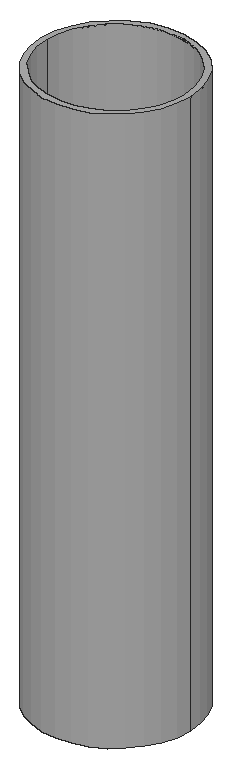
Revit family "Steel Column Circular Hollow Section", category Structural Columns, Revit 2015
Parameters (values of type "KR660x25")
  W = 3.8736
  Structural Material [instance] = Steel
  Assembly Code = ""
  Diameter = 660 mm
  t = 25 mm
  A = 0.0499 m²
Reference planes
  plane 1 "Center (Front/Back)": y = 0
  plane 2: z = 0
  plane 3 "Center (Left/Right)": x = 0
  plane 4: x = -330
  plane 5: x = 330
  plane 6: y = 330
  plane 7: y = -330
  plane 8: x = -305
  plane 9: x = 305
Forms (mm)
  Extrusion 1, solid, material "Steel" <- "Structural Material", detail levels medium+fine
    sketch origin (0, 0, 0) x (1, 0, 0) y (0, 1, 0)
      loop
        circle (0, 0) r 330
      loop
        circle (0, 0) r 305
    from 0 to 2500
Lines and regions (mm)
  symbolic lines, style "StructuralColumnStickSymbols", detail levels coarse
    curve 1: arc (-330, 0, 0) -> (0, -330, 0) -> (330, 0, 0) r 330
    curve 2: arc (330, 0, 0) -> (0, 330, 0) -> (-330, 0, 0) r 330
Dimensions and locks
  equal spacing: plane 4, plane 3 "Center (Left/Right)", plane 5
  equal spacing: plane 7, plane 1 "Center (Front/Back)", plane 6
  "Diameter": plane 7 to plane 6
  "Diameter": plane 4 to plane 5
  "t": plane 4 to plane 8
  "t": plane 9 to plane 5
  aligned and locked: level to Extrusion 1
  aligned and locked: level to plane 2
  aligned and locked: Extrusion 1 to plane 2
  aligned and locked: curve 1 to Extrusion 1
Automatic sketch dimensions
  Extrusion 1 sketch curve to plane 1 "Center (Front/Back)" = 0 mm  (x2)
  Extrusion 1 sketch curve to plane 4 = 0 mm
  Extrusion 1 sketch curve to plane 8 = 0 mm
  Extrusion 1 sketch curve to plane 3 "Center (Left/Right)" = 0 mm  (x2)
Types in the file's own list only (352): name | W | Diameter | t | A
  KR20x2 | 0.008728 | 20 mm | 2 mm | 0.00 m²
  KR20x2.3 | 0.009807 | 20 mm | 2 mm | 0.00 m²
  KR20x2.6 | 0.010885 | 20 mm | 3 mm | 0.00 m²
  KR20x2.9 | 0.011964 | 20 mm | 3 mm | 0.00 m²
  KR20x3.2 | 0.013043 | 20 mm | 3 mm | 0.00 m²
  KR20x3.6 | 0.01422 | 20 mm | 4 mm | 0.00 m²
  KR20x4 | 0.015495 | 20 mm | 4 mm | 0.00 m²
  KR20x4.5 | 0.016769 | 20 mm | 5 mm | 0.00 m²
  KR20x5 | 0.018142 | 20 mm | 5 mm | 0.00 m²
  KR25x2 | 0.011082 | 25 mm | 2 mm | 0.00 m²
  KR25x2.3 | 0.012651 | 25 mm | 2 mm | 0.00 m²
  KR25x2.6 | 0.014122 | 25 mm | 3 mm | 0.00 m²
  KR25x2.9 | 0.015495 | 25 mm | 3 mm | 0.00 m²
  KR25x3.2 | 0.016867 | 25 mm | 3 mm | 0.00 m²
  KR25x3.6 | 0.018633 | 25 mm | 4 mm | 0.00 m²
  KR25x4 | 0.0203 | 25 mm | 4 mm | 0.00 m²
  KR25x4.5 | 0.022359 | 25 mm | 5 mm | 0.00 m²
  KR25x5 | 0.024222 | 25 mm | 5 mm | 0.00 m²
  KR25x5.6 | 0.026282 | 25 mm | 6 mm | 0.00 m²
  KR25x6.3 | 0.028537 | 25 mm | 6 mm | 0.00 m²
  KR30x2.6 | 0.01726 | 30 mm | 3 mm | 0.00 m²
  KR30x2.9 | 0.019025 | 30 mm | 3 mm | 0.00 m²
  KR30x3.2 | 0.020692 | 30 mm | 3 mm | 0.00 m²
  KR30x3.6 | 0.023046 | 30 mm | 4 mm | 0.00 m²
  KR30x4 | 0.025203 | 30 mm | 4 mm | 0.00 m²
  KR30x4.5 | 0.027753 | 30 mm | 5 mm | 0.00 m²
  KR30x5 | 0.030204 | 30 mm | 5 mm | 0.00 m²
  KR30x5.6 | 0.033048 | 30 mm | 6 mm | 0.00 m²
  KR30x6.3 | 0.036285 | 30 mm | 6 mm | 0.00 m²
  KR30x7.1 | 0.039521 | 30 mm | 7 mm | 0.00 m²
  KR30x8 | 0.042561 | 30 mm | 8 mm | 0.00 m²
  KR38x2.6 | 0.022457 | 38 mm | 3 mm | 0.00 m²
  KR38x2.9 | 0.024615 | 38 mm | 3 mm | 0.00 m²
  KR38x3.2 | 0.026968 | 38 mm | 3 mm | 0.00 m²
  KR38x3.6 | 0.02991 | 38 mm | 4 mm | 0.00 m²
  KR38x4 | 0.032852 | 38 mm | 4 mm | 0.00 m²
  KR38x4.5 | 0.036481 | 38 mm | 5 mm | 0.00 m²
  KR38x5 | 0.039913 | 38 mm | 5 mm | 0.00 m²
  KR38x5.6 | 0.043836 | 38 mm | 6 mm | 0.00 m²
  KR38x6.3 | 0.048543 | 38 mm | 6 mm | 0.00 m²
  KR38x7.1 | 0.05325 | 38 mm | 7 mm | 0.00 m²
  KR38x8 | 0.057957 | 38 mm | 8 mm | 0.00 m²
  KR38x8.8 | 0.062076 | 38 mm | 9 mm | 0.00 m²
  KR38x10 | 0.067764 | 38 mm | 10 mm | 0.00 m²
  KR51x2.6 | 0.030597 | 51 mm | 3 mm | 0.00 m²
  KR51x2.9 | 0.033735 | 51 mm | 3 mm | 0.00 m²
  KR51x3.2 | 0.037069 | 51 mm | 3 mm | 0.00 m²
  KR51x3.6 | 0.041286 | 51 mm | 4 mm | 0.00 m²
  KR51x4 | 0.045503 | 51 mm | 4 mm | 0.00 m²
  KR51x4.5 | 0.050602 | 51 mm | 5 mm | 0.00 m²
  KR51x5 | 0.055702 | 51 mm | 5 mm | 0.00 m²
  KR51x5.6 | 0.061488 | 51 mm | 6 mm | 0.00 m²
  KR51x6.3 | 0.068156 | 51 mm | 6 mm | 0.00 m²
  KR51x7.1 | 0.075413 | 51 mm | 7 mm | 0.00 m²
  KR51x8 | 0.08267 | 51 mm | 8 mm | 0.00 m²
  KR51x8.8 | 0.089241 | 51 mm | 9 mm | 0.00 m²
  KR51x10 | 0.099047 | 51 mm | 10 mm | 0.00 m²
  KR51x11 | 0.106892 | 51 mm | 11 mm | 0.00 m²
  KR51x12.5 | 0.116699 | 51 mm | 13 mm | 0.00 m²
  KR51x14.2 | 0.126506 | 51 mm | 14 mm | 0.00 m²
  KR60.3x2.9 | 0.0406 | 60 mm | 3 mm | 0.00 m²
  KR60.3x3.2 | 0.044228 | 60 mm | 3 mm | 0.00 m²
  KR60.3x3.6 | 0.049327 | 60 mm | 4 mm | 0.00 m²
  KR60.3x4 | 0.054427 | 60 mm | 4 mm | 0.00 m²
  KR60.3x4.5 | 0.060703 | 60 mm | 5 mm | 0.00 m²
  KR60.3x5 | 0.066881 | 60 mm | 5 mm | 0.00 m²
  KR60.3x5.6 | 0.07404 | 60 mm | 6 mm | 0.00 m²
  KR60.3x6.3 | 0.082376 | 60 mm | 6 mm | 0.00 m²
  KR60.3x7.1 | 0.091594 | 60 mm | 7 mm | 0.00 m²
  KR60.3x8 | 0.100812 | 60 mm | 8 mm | 0.00 m²
  KR60.3x8.8 | 0.109344 | 60 mm | 9 mm | 0.00 m²
  KR60.3x10 | 0.121602 | 60 mm | 10 mm | 0.00 m²
  KR60.3x11 | 0.131409 | 60 mm | 11 mm | 0.00 m²
  KR60.3x12.5 | 0.145138 | 60 mm | 13 mm | 0.00 m²
  KR60.3x14.2 | 0.158868 | 60 mm | 14 mm | 0.00 m²
  KR60.3x16 | 0.170636 | 60 mm | 16 mm | 0.00 m²
  KR70x2.9 | 0.047366 | 70 mm | 3 mm | 0.00 m²
  KR70x3.2 | 0.051779 | 70 mm | 3 mm | 0.00 m²
  KR70x3.6 | 0.057859 | 70 mm | 4 mm | 0.00 m²
  KR70x4 | 0.063841 | 70 mm | 4 mm | 0.00 m²
  KR70x4.5 | 0.071294 | 70 mm | 5 mm | 0.00 m²
  KR70x5 | 0.078551 | 70 mm | 5 mm | 0.00 m²
  KR70x5.6 | 0.086985 | 70 mm | 6 mm | 0.00 m²
  KR70x6.3 | 0.096988 | 70 mm | 6 mm | 0.00 m²
  KR70x7.1 | 0.107775 | 70 mm | 7 mm | 0.00 m²
  KR70x8 | 0.120131 | 70 mm | 8 mm | 0.00 m²
  KR70x8.8 | 0.130134 | 70 mm | 9 mm | 0.00 m²
  KR70x10 | 0.144746 | 70 mm | 10 mm | 0.00 m²
  KR70x11 | 0.156906 | 70 mm | 11 mm | 0.00 m²
  KR70x12.5 | 0.174558 | 70 mm | 13 mm | 0.00 m²
  KR70x14.2 | 0.19221 | 70 mm | 14 mm | 0.00 m²
  KR70x16 | 0.207901 | 70 mm | 16 mm | 0.00 m²
  KR70x17.5 | 0.22163 | 70 mm | 18 mm | 0.00 m²
  KR82.5x3.2 | 0.06188 | 83 mm | 3 mm | 0.00 m²
  KR82.5x3.6 | 0.069235 | 83 mm | 4 mm | 0.00 m²
  KR82.5x4 | 0.076492 | 83 mm | 4 mm | 0.00 m²
  KR82.5x4.5 | 0.084631 | 83 mm | 5 mm | 0.00 m²
  KR82.5x5 | 0.093752 | 83 mm | 5 mm | 0.00 m²
  KR82.5x5.6 | 0.10395 | 83 mm | 6 mm | 0.00 m²
  KR82.5x6.3 | 0.116699 | 83 mm | 6 mm | 0.00 m²
  KR82.5x7.1 | 0.129448 | 83 mm | 7 mm | 0.00 m²
  KR82.5x8 | 0.143177 | 83 mm | 8 mm | 0.00 m²
  KR82.5x8.8 | 0.155926 | 83 mm | 9 mm | 0.00 m²
  KR82.5x10 | 0.175539 | 83 mm | 10 mm | 0.00 m²
  KR82.5x11 | 0.19123 | 83 mm | 11 mm | 0.00 m²
  KR82.5x12.5 | 0.212804 | 83 mm | 13 mm | 0.00 m²
  KR82.5x14.2 | 0.23536 | 83 mm | 14 mm | 0.00 m²
  KR82.5x16 | 0.256934 | 83 mm | 16 mm | 0.00 m²
  KR82.5x17.5 | 0.274586 | 83 mm | 18 mm | 0.00 m²
  KR82.5x20 | 0.302045 | 83 mm | 20 mm | 0.00 m²
  KR82.5x22.2 | 0.323619 | 83 mm | 22 mm | 0.00 m²
  KR88.9x3.2 | 0.066783 | 89 mm | 3 mm | 0.00 m²
  KR88.9x3.6 | 0.074334 | 89 mm | 4 mm | 0.00 m²
  KR88.9x4 | 0.082376 | 89 mm | 4 mm | 0.00 m²
  KR88.9x4.5 | 0.091594 | 89 mm | 5 mm | 0.00 m²
  KR88.9x5 | 0.101597 | 89 mm | 5 mm | 0.00 m²
  KR88.9x5.6 | 0.113169 | 89 mm | 6 mm | 0.00 m²
  KR88.9x6.3 | 0.125525 | 89 mm | 6 mm | 0.00 m²
  KR88.9x7.1 | 0.140137 | 89 mm | 7 mm | 0.00 m²
  KR88.9x8 | 0.156318 | 89 mm | 8 mm | 0.00 m²
  KR88.9x8.8 | 0.170145 | 89 mm | 9 mm | 0.00 m²
  KR88.9x10 | 0.190935 | 89 mm | 10 mm | 0.00 m²
  KR88.9x11 | 0.207116 | 89 mm | 11 mm | 0.00 m²
  KR88.9x12.5 | 0.230947 | 89 mm | 13 mm | 0.00 m²
  KR88.9x14.2 | 0.256934 | 89 mm | 14 mm | 0.00 m²
  KR88.9x16 | 0.281451 | 89 mm | 16 mm | 0.00 m²
  KR88.9x17.5 | 0.302045 | 89 mm | 18 mm | 0.00 m²
  KR88.9x20 | 0.333426 | 89 mm | 20 mm | 0.00 m²
  KR88.9x20.2 | 0.357943 | 89 mm | 20 mm | 0.00 m²
  KR101.6x3.6 | 0.085416 | 102 mm | 4 mm | 0.00 m²
  KR101.6x4 | 0.094732 | 102 mm | 4 mm | 0.00 m²
  KR101.6x4.5 | 0.105421 | 102 mm | 5 mm | 0.00 m²
  KR101.6x5 | 0.116993 | 102 mm | 5 mm | 0.00 m²
  KR101.6x5.6 | 0.130134 | 102 mm | 6 mm | 0.00 m²
  KR101.6x6.3 | 0.145531 | 102 mm | 6 mm | 0.00 m²
  KR101.6x7.1 | 0.162398 | 102 mm | 7 mm | 0.00 m²
  KR101.6x8 | 0.180933 | 102 mm | 8 mm | 0.00 m²
  KR101.6x8.8 | 0.1978 | 102 mm | 9 mm | 0.00 m²
  KR101.6x10 | 0.221728 | 102 mm | 10 mm | 0.00 m²
  KR101.6x11 | 0.240949 | 102 mm | 11 mm | 0.00 m²
  KR101.6x12.5 | 0.269487 | 102 mm | 13 mm | 0.00 m²
  KR101.6x14.2 | 0.30028 | 102 mm | 14 mm | 0.00 m²
  KR101.6x16 | 0.330484 | 102 mm | 16 mm | 0.00 m²
  KR101.6x17.5 | 0.355001 | 102 mm | 18 mm | 0.00 m²
  KR101.6x20 | 0.394227 | 102 mm | 20 mm | 0.01 m²
  KR101.6x22.2 | 0.426589 | 102 mm | 22 mm | 0.01 m²
  KR101.6x25 | 0.465816 | 102 mm | 25 mm | 0.01 m²
  KR127x4 | 0.119641 | 127 mm | 4 mm | 0.00 m²
  KR127x4.5 | 0.13239 | 127 mm | 5 mm | 0.00 m²
  KR127x5 | 0.1471 | 127 mm | 5 mm | 0.00 m²
  KR127x5.6 | 0.163771 | 127 mm | 6 mm | 0.00 m²
  KR127x6.3 | 0.184365 | 127 mm | 6 mm | 0.00 m²
  KR127x7.1 | 0.20594 | 127 mm | 7 mm | 0.00 m²
  KR127x8 | 0.229476 | 127 mm | 8 mm | 0.00 m²
  KR127x8.8 | 0.25007 | 127 mm | 9 mm | 0.00 m²
  KR127x10 | 0.283412 | 127 mm | 10 mm | 0.00 m²
  KR127x11 | 0.30989 | 127 mm | 11 mm | 0.00 m²
  KR127x12.5 | 0.348136 | 127 mm | 13 mm | 0.00 m²
  KR127x14.2 | 0.388343 | 127 mm | 14 mm | 0.01 m²
  KR127x16 | 0.42757 | 127 mm | 16 mm | 0.01 m²
  KR127x17.5 | 0.462874 | 127 mm | 18 mm | 0.01 m²
  KR127x20 | 0.517791 | 127 mm | 20 mm | 0.01 m²
  KR127x22.2 | 0.562902 | 127 mm | 22 mm | 0.01 m²
  KR127x25 | 0.61978 | 127 mm | 25 mm | 0.01 m²
  KR139.7x4 | 0.131605 | 140 mm | 4 mm | 0.00 m²
  KR139.7x4.5 | 0.147002 | 140 mm | 5 mm | 0.00 m²
  KR139.7x5 | 0.163183 | 140 mm | 5 mm | 0.00 m²
  KR139.7x5.6 | 0.181717 | 140 mm | 6 mm | 0.00 m²
  KR139.7x6.3 | 0.203194 | 140 mm | 6 mm | 0.00 m²
  KR139.7x7.1 | 0.227907 | 140 mm | 7 mm | 0.00 m²
  KR139.7x8 | 0.254777 | 140 mm | 8 mm | 0.00 m²
  KR139.7x8.8 | 0.278705 | 140 mm | 9 mm | 0.00 m²
  KR139.7x10 | 0.313322 | 140 mm | 10 mm | 0.00 m²
  KR139.7x11 | 0.342546 | 140 mm | 11 mm | 0.00 m²
  KR139.7x12.5 | 0.384911 | 140 mm | 13 mm | 0.01 m²
  KR139.7x14.2 | 0.4311 | 140 mm | 14 mm | 0.01 m²
  KR139.7x16 | 0.478859 | 140 mm | 16 mm | 0.01 m²
  KR139.7x17.5 | 0.51681 | 140 mm | 18 mm | 0.01 m²
  KR139.7x20 | 0.578592 | 140 mm | 20 mm | 0.01 m²
  KR139.7x22.2 | 0.630568 | 140 mm | 22 mm | 0.01 m²
  KR139.7x25 | 0.697253 | 140 mm | 25 mm | 0.01 m²
  KR152.4x4.5 | 0.160829 | 152 mm | 5 mm | 0.00 m²
  KR152.4x5 | 0.178481 | 152 mm | 5 mm | 0.00 m²
  KR152.4x5.6 | 0.198094 | 152 mm | 6 mm | 0.00 m²
  KR152.4x6.3 | 0.223592 | 152 mm | 6 mm | 0.00 m²
  KR152.4x7.1 | 0.25007 | 152 mm | 7 mm | 0.00 m²
  KR152.4x8 | 0.278509 | 152 mm | 8 mm | 0.00 m²
  KR152.4x8.8 | 0.304006 | 152 mm | 9 mm | 0.00 m²
  KR152.4x10 | 0.344213 | 152 mm | 10 mm | 0.00 m²
  KR152.4x11 | 0.377556 | 152 mm | 11 mm | 0.00 m²
  KR152.4x12.5 | 0.425609 | 152 mm | 13 mm | 0.01 m²
  KR152.4x14.2 | 0.475623 | 152 mm | 14 mm | 0.01 m²
  KR152.4x16 | 0.525636 | 152 mm | 16 mm | 0.01 m²
  KR152.4x17.5 | 0.569766 | 152 mm | 18 mm | 0.01 m²
  KR152.4x20 | 0.640374 | 152 mm | 20 mm | 0.01 m²
  KR152.4x22.2 | 0.699214 | 152 mm | 22 mm | 0.01 m²
  KR152.4x25 | 0.774725 | 152 mm | 25 mm | 0.01 m²
  KR159x4.5 | 0.167792 | 159 mm | 5 mm | 0.00 m²
  KR159x5 | 0.186326 | 159 mm | 5 mm | 0.00 m²
  KR159x5.6 | 0.207901 | 159 mm | 6 mm | 0.00 m²
  KR159x6.3 | 0.232516 | 159 mm | 6 mm | 0.00 m²
  KR159x7.1 | 0.260955 | 159 mm | 7 mm | 0.00 m²
  KR159x8 | 0.292532 | 159 mm | 8 mm | 0.00 m²
  KR159x8.8 | 0.319501 | 159 mm | 9 mm | 0.00 m²
  KR159x10 | 0.360296 | 159 mm | 10 mm | 0.00 m²
  KR159x11 | 0.393345 | 159 mm | 11 mm | 0.01 m²
  KR159x12.5 | 0.442672 | 159 mm | 13 mm | 0.01 m²
  KR159x14.2 | 0.497295 | 159 mm | 14 mm | 0.01 m²
  KR159x16 | 0.553487 | 159 mm | 16 mm | 0.01 m²
  KR159x17.5 | 0.598892 | 159 mm | 18 mm | 0.01 m²
  KR159x20.2 | 0.672736 | 159 mm | 20 mm | 0.01 m²
  KR159x22.2 | 0.733537 | 159 mm | 22 mm | 0.01 m²
  KR159x25 | 0.813952 | 159 mm | 25 mm | 0.01 m²
  KR177.8x5 | 0.208882 | 178 mm | 5 mm | 0.00 m²
  KR177.8x5.6 | 0.232418 | 178 mm | 6 mm | 0.00 m²
  KR177.8x6.3 | 0.261838 | 178 mm | 6 mm | 0.00 m²
  KR177.8x7.1 | 0.2942 | 178 mm | 7 mm | 0.00 m²
  KR177.8x8 | 0.327542 | 178 mm | 8 mm | 0.00 m²
  KR177.8x8.8 | 0.357943 | 178 mm | 9 mm | 0.00 m²
  KR177.8x10 | 0.405995 | 178 mm | 10 mm | 0.01 m²
  KR177.8x11 | 0.445222 | 178 mm | 11 mm | 0.01 m²
  KR177.8x12.5 | 0.503081 | 178 mm | 13 mm | 0.01 m²
  KR177.8x14.2 | 0.562902 | 178 mm | 14 mm | 0.01 m²
  KR177.8x16 | 0.623703 | 178 mm | 16 mm | 0.01 m²
  KR177.8x17.5 | 0.67764 | 178 mm | 18 mm | 0.01 m²
  KR177.8x20 | 0.762957 | 178 mm | 20 mm | 0.01 m²
  KR177.8x22.2 | 0.835527 | 178 mm | 22 mm | 0.01 m²
  KR177.8x25 | 0.92967 | 178 mm | 25 mm | 0.01 m²
  KR193.7x5.4 | 0.245166 | 194 mm | 5 mm | 0.00 m²
  KR193.7x5.6 | 0.253992 | 194 mm | 6 mm | 0.00 m²
  KR193.7x6.3 | 0.28557 | 194 mm | 6 mm | 0.00 m²
  KR193.7x7.1 | 0.320285 | 194 mm | 7 mm | 0.00 m²
  KR193.7x8 | 0.359512 | 194 mm | 8 mm | 0.00 m²
  KR193.7x8.8 | 0.393345 | 194 mm | 9 mm | 0.01 m²
  KR193.7x10 | 0.444143 | 194 mm | 10 mm | 0.01 m²
  KR193.7x11 | 0.485723 | 194 mm | 11 mm | 0.01 m²
  KR193.7x12.5 | 0.548094 | 194 mm | 13 mm | 0.01 m²
  KR193.7x14.2 | 0.616642 | 194 mm | 14 mm | 0.01 m²
  KR193.7x16 | 0.687446 | 194 mm | 16 mm | 0.01 m²
  KR193.7x17.5 | 0.745992 | 194 mm | 18 mm | 0.01 m²
  KR193.7x20 | 0.839057 | 194 mm | 20 mm | 0.01 m²
  KR193.7x22.2 | 0.920844 | 194 mm | 22 mm | 0.01 m²
  KR193.7x25 | 1.029698 | 194 mm | 25 mm | 0.01 m²
  KR219.1x5.9 | 0.304006 | 219 mm | 6 mm | 0.00 m²
  KR219.1x6.3 | 0.32411 | 219 mm | 6 mm | 0.00 m²
  KR219.1x7.1 | 0.364121 | 219 mm | 7 mm | 0.00 m²
  KR219.1x8 | 0.408741 | 219 mm | 8 mm | 0.01 m²
  KR219.1x8.8 | 0.447281 | 219 mm | 9 mm | 0.01 m²
  KR219.1x10 | 0.505729 | 219 mm | 10 mm | 0.01 m²
  KR219.1x11 | 0.553487 | 219 mm | 11 mm | 0.01 m²
  KR219.1x12.5 | 0.624291 | 219 mm | 13 mm | 0.01 m²
  KR219.1x14.2 | 0.703627 | 219 mm | 14 mm | 0.01 m²
  KR219.1x16 | 0.785218 | 219 mm | 16 mm | 0.01 m²
  KR219.1x17.5 | 0.854551 | 219 mm | 18 mm | 0.01 m²
  KR219.1x20 | 0.962228 | 219 mm | 20 mm | 0.01 m²
  KR219.1x22.2 | 1.054607 | 219 mm | 22 mm | 0.01 m²
  KR219.1x25 | 1.176798 | 219 mm | 25 mm | 0.02 m²
  KR244.5x6.3 | 0.363827 | 245 mm | 6 mm | 0.00 m²
  KR244.5x7.1 | 0.407957 | 245 mm | 7 mm | 0.01 m²
  KR244.5x8 | 0.457284 | 245 mm | 8 mm | 0.01 m²
  KR244.5x8.8 | 0.501904 | 245 mm | 9 mm | 0.01 m²
  KR244.5x10 | 0.567315 | 245 mm | 10 mm | 0.01 m²
  KR244.5x11 | 0.621251 | 245 mm | 11 mm | 0.01 m²
  KR244.5x12.5 | 0.701274 | 245 mm | 13 mm | 0.01 m²
  KR244.5x14.2 | 0.792966 | 245 mm | 14 mm | 0.01 m²
  KR244.5x16 | 0.885344 | 245 mm | 16 mm | 0.01 m²
  KR244.5x17.5 | 0.962228 | 245 mm | 18 mm | 0.01 m²
  KR244.5x20 | 1.0854 | 245 mm | 20 mm | 0.01 m²
  KR244.5x22.2 | 1.193273 | 245 mm | 22 mm | 0.02 m²
  KR244.5x25 | 1.333704 | 245 mm | 25 mm | 0.02 m²
  KR298.5x7.1 | 0.50112 | 299 mm | 7 mm | 0.01 m²
  KR298.5x8 | 0.55996 | 299 mm | 8 mm | 0.01 m²
  KR298.5x8.8 | 0.613896 | 299 mm | 9 mm | 0.01 m²
  KR298.5x10 | 0.697253 | 299 mm | 10 mm | 0.01 m²
  KR298.5x11 | 0.767861 | 299 mm | 11 mm | 0.01 m²
  KR298.5x12.5 | 0.870831 | 299 mm | 13 mm | 0.01 m²
  KR298.5x14.2 | 0.978704 | 299 mm | 14 mm | 0.01 m²
  KR298.5x16 | 1.088538 | 299 mm | 16 mm | 0.01 m²
  KR298.5x17.5 | 1.186605 | 299 mm | 18 mm | 0.02 m²
  KR298.5x20 | 1.343511 | 299 mm | 20 mm | 0.02 m²
  KR298.5x22.2 | 1.480804 | 299 mm | 22 mm | 0.02 m²
  KR298.5x25 | 1.667131 | 299 mm | 25 mm | 0.02 m²
  KR323.9x7.1 | 0.54525 | 324 mm | 7 mm | 0.01 m²
  KR323.9x8 | 0.611248 | 324 mm | 8 mm | 0.01 m²
  KR323.9x8.8 | 0.670481 | 324 mm | 9 mm | 0.01 m²
  KR323.9x10 | 0.759035 | 324 mm | 10 mm | 0.01 m²
  KR323.9x11 | 0.831408 | 324 mm | 11 mm | 0.01 m²
  KR323.9x12.5 | 0.939183 | 324 mm | 13 mm | 0.01 m²
  KR323.9x14.2 | 1.062354 | 324 mm | 14 mm | 0.01 m²
  KR323.9x16 | 1.193273 | 324 mm | 16 mm | 0.02 m²
  KR323.9x17.5 | 1.293301 | 324 mm | 18 mm | 0.02 m²
  KR323.9x20 | 1.470409 | 324 mm | 20 mm | 0.02 m²
  KR323.9x22.2 | 1.616626 | 324 mm | 22 mm | 0.02 m²
  KR323.9x25 | 1.809131 | 324 mm | 25 mm | 0.02 m²
  KR355.6x8 | 0.672834 | 356 mm | 8 mm | 0.01 m²
  KR355.6x8.8 | 0.738245 | 356 mm | 9 mm | 0.01 m²
  KR355.6x10 | 0.839057 | 356 mm | 10 mm | 0.01 m²
  KR355.6x11 | 0.916137 | 356 mm | 11 mm | 0.01 m²
  KR355.6x12.5 | 1.039309 | 356 mm | 13 mm | 0.01 m²
  KR355.6x14.2 | 1.170129 | 356 mm | 14 mm | 0.02 m²
  KR355.6x16 | 1.316445 | 356 mm | 16 mm | 0.02 m²
  KR355.6x17.5 | 1.431869 | 356 mm | 18 mm | 0.02 m²
  KR355.6x20 | 1.624374 | 356 mm | 20 mm | 0.02 m²
  KR355.6x22.2 | 1.793636 | 356 mm | 22 mm | 0.02 m²
  KR355.6x25 | 2.001537 | 356 mm | 25 mm | 0.03 m²
  KR406.4x8.8 | 0.846804 | 406 mm | 9 mm | 0.01 m²
  KR406.4x10 | 0.962228 | 406 mm | 10 mm | 0.01 m²
  KR406.4x11 | 1.054607 | 406 mm | 11 mm | 0.01 m²
  KR406.4x12.5 | 1.193273 | 406 mm | 13 mm | 0.02 m²
  KR406.4x14.2 | 1.347238 | 406 mm | 14 mm | 0.02 m²
  KR406.4x16 | 1.508851 | 406 mm | 16 mm | 0.02 m²
  KR406.4x17.5 | 1.647419 | 406 mm | 18 mm | 0.02 m²
  KR406.4x20 | 1.870717 | 406 mm | 20 mm | 0.02 m²
  KR406.4x22.2 | 2.063123 | 406 mm | 22 mm | 0.03 m²
  KR406.4x25 | 2.309466 | 406 mm | 25 mm | 0.03 m²
  KR457.2x10 | 1.077751 | 457 mm | 10 mm | 0.01 m²
  KR457.2x11 | 1.185526 | 457 mm | 11 mm | 0.02 m²
  KR457.2x12.5 | 1.347238 | 457 mm | 13 mm | 0.02 m²
  KR457.2x14.2 | 1.524248 | 457 mm | 14 mm | 0.02 m²
  KR457.2x16 | 1.709005 | 457 mm | 16 mm | 0.02 m²
  KR457.2x17.5 | 1.862969 | 457 mm | 18 mm | 0.02 m²
  KR457.2x20 | 2.11706 | 457 mm | 20 mm | 0.03 m²
  KR457.2x22.2 | 2.33261 | 457 mm | 22 mm | 0.03 m²
  KR457.2x25 | 2.609746 | 457 mm | 25 mm | 0.03 m²
  KR508x11 | 1.324094 | 508 mm | 11 mm | 0.02 m²
  KR508x12.5 | 1.501104 | 508 mm | 13 mm | 0.02 m²
  KR508x14.2 | 1.693608 | 508 mm | 14 mm | 0.02 m²
  KR508x16 | 1.901509 | 508 mm | 16 mm | 0.02 m²
  KR508x17.5 | 2.078519 | 508 mm | 18 mm | 0.03 m²
  KR508x20 | 2.363403 | 508 mm | 20 mm | 0.03 m²
  KR508x22.2 | 2.609746 | 508 mm | 22 mm | 0.03 m²
  KR508x25 | 2.917675 | 508 mm | 25 mm | 0.04 m²
  KR559x12.5 | 1.667131 | 559 mm | 13 mm | 0.02 m²
  KR559x14.2 | 1.87307 | 559 mm | 14 mm | 0.02 m²
  KR559x16 | 2.088816 | 559 mm | 16 mm | 0.03 m²
  KR559x17.5 | 2.284949 | 559 mm | 18 mm | 0.03 m²
  KR559x20 | 2.608569 | 559 mm | 20 mm | 0.03 m²
  KR559x22.2 | 2.883155 | 559 mm | 22 mm | 0.04 m²
  KR559x25 | 3.246001 | 559 mm | 25 mm | 0.04 m²
  KR610x12.5 | 1.81423 | 610 mm | 13 mm | 0.02 m²
  KR610x14.2 | 2.04959 | 610 mm | 14 mm | 0.03 m²
  KR610x16 | 2.284949 | 610 mm | 16 mm | 0.03 m²
  KR610x17.5 | 2.500696 | 610 mm | 18 mm | 0.03 m²
  KR610x20 | 2.853735 | 610 mm | 20 mm | 0.04 m²
  KR622x14.2 | 2.088816 | 622 mm | 14 mm | 0.03 m²
  KR622x16 | 2.343789 | 622 mm | 16 mm | 0.03 m²
  KR622x17.5 | 2.559536 | 622 mm | 18 mm | 0.03 m²
  KR622x20 | 2.912575 | 622 mm | 20 mm | 0.04 m²
  KR622x22.2 | 3.226388 | 622 mm | 22 mm | 0.04 m²
  KR622x25 | 3.608847 | 622 mm | 25 mm | 0.04 m²
  KR660x20 | 3.098901 | 660 mm | 20 mm | 0.04 m²
  KR660x22.2 | 3.422521 | 660 mm | 22 mm | 0.04 m²
